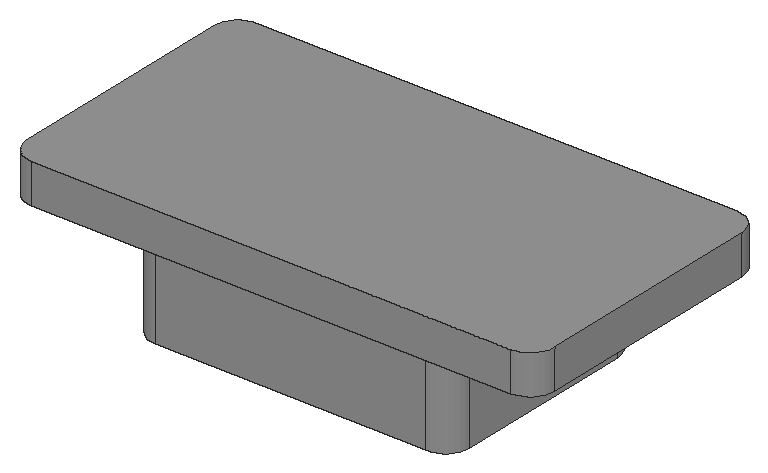
Revit family "ITK_Заглушка SC или LC-Duplex пластик (черный)", category Обобщенные модели, Revit 2019
Family settings
  Может служить основой для арматурных стержней = Нет
  Размер круглого соединителя = Использовать диаметр
  Тип детали = Нормальный
  На основе рабочей плоскости = Нет
  Всегда вертикально = Да
  При загрузке вырезать с полостями = Нет
  Общий = Нет
  Точка расчета площади = Нет
Parameters (values of type "FOBX-Z-SC")
  Степень защиты = ""
  Материал = Окраска - RAL 9005
  Изготовитель = "ITK"  # constant formula
  Дата изменения = ""
  Тип монтажа = ""  # constant formula
  URL = "https://www.iek.ru/"
  KSI_CPr_Строительные изделия = "61.1.04.08"  # constant formula
  KSI_CMa_Строительные материалы = "01.7.14.03"  # constant formula
  IEK_Цена за единицу = 15.77
  IEK_Поиск в таблице имен = ""
  IEK_Описание = "Изготовлены из высококачественных материалов.\r\nСоответствие международным стандартам и ГОСТ Р."
  IEK_URL = "https://www.itk-group.ru/produktsiya/catalog/oborudovanie_telekommunikatsionnoe/komponenty_sks_opticheskie/komponenty_sks_opticheskie/opticheskie_krossy_19/itk_zaglushka_sc_ili_lc_duplex_plastik_chernyy"
  ADSK_Примечание = ""
  ADSK_Позиция [instance] = ""
  ADSK_Наименование = "ITK Заглушка SC или  LC-Duplex пластик (черный)"
  ADSK_Материал обозначение = ""
  ADSK_Материал наименование = "Пластик"  # constant formula
  ADSK_Масса = 0
  ADSK_Марка = ""  # constant formula
  ADSK_Код изделия = "FOBX-Z-SC"
  ADSK_Завод-изготовитель = "IEK"  # constant formula
  ADSK_Единица измерения = "шт"  # constant formula
  ADSK_Группирование = "I. ЩИТЫ И ПУЛЬТЫ"  # constant formula
  ADSK_Версия семейства = "1.0"  # constant formula
  ADSK_Версия Revit = "2019"  # constant formula
  ADSK_URL страницы изделия = "https://www.itk-group.ru/produktsiya/catalog/oborudovanie_telekommunikatsionnoe/komponenty_sks_opticheskie/komponenty_sks_opticheskie/opticheskie_krossy_19/?pagec=30"
Reference planes
  plane 1 "По центру (Вперед/Назад)": y = 0
  plane 2: z = 0
  plane 3 "По центру (Влево/Вправо)": x = 0
  plane 4: x = -62.5
  plane 5: x = 62.5
Forms (mm)
  Extrusion 1, solid, material "Окраска - RAL 9005" <- "Материал", detail levels fine
    sketch origin (0, 0, 0) x (1, 0, 0) y (0, 1, 0)
      loop
        arc (-9.75, 5.75) -> (-10.457, 5.457) -> (-10.75, 4.75) r 1
        line (-10.75, 4.75) -> (-10.75, -4.75)
        arc (-10.75, -4.75) -> (-10.457, -5.457) -> (-9.75, -5.75) r 1
        line (-9.75, -5.75) -> (9.75, -5.75)
        arc (9.75, -5.75) -> (10.457, -5.457) -> (10.75, -4.75) r 1
        line (10.75, -4.75) -> (10.75, 4.75)
        arc (10.75, 4.75) -> (10.457, 5.457) -> (9.75, 5.75) r 1
        line (9.75, 5.75) -> (-9.75, 5.75)
    from 4 to 5.6
  Extrusion 2, solid, material "Окраска - RAL 9005" <- "Материал", detail levels fine
    sketch origin (0, 0, 0) x (1, 0, 0) y (0, 1, 0)
      loop
        line (-6.5, 3.75) -> (-6.5, -3.75)
        arc (-6.5, -3.75) -> (-6.207, -4.457) -> (-5.5, -4.75) r 1
        line (-5.5, -4.75) -> (5.5, -4.75)
        arc (5.5, -4.75) -> (6.207, -4.457) -> (6.5, -3.75) r 1
        line (6.5, -3.75) -> (6.5, 3.75)
        arc (6.5, 3.75) -> (6.207, 4.457) -> (5.5, 4.75) r 1
        line (5.5, 4.75) -> (-5.5, 4.75)
        arc (-5.5, 4.75) -> (-6.207, 4.457) -> (-6.5, 3.75) r 1
    from 0 to 4
  Extrusion 3, solid, material "Условный материал-отделка", detail levels coarse+medium
    sketch origin (0, 0, 0) x (1, 0, 0) y (0, 1, 0)
      loop
        line (-10.75, 4.75) -> (-10.75, -4.75)
        arc (-10.75, -4.75) -> (-10.457, -5.457) -> (-9.75, -5.75) r 1
        line (-9.75, -5.75) -> (9.75, -5.75)
        arc (9.75, -5.75) -> (10.457, -5.457) -> (10.75, -4.75) r 1
        line (10.75, -4.75) -> (10.75, 4.75)
        arc (10.75, 4.75) -> (10.457, 5.457) -> (9.75, 5.75) r 1
        line (9.75, 5.75) -> (-9.75, 5.75)
        arc (-9.75, 5.75) -> (-10.457, 5.457) -> (-10.75, 4.75) r 1
    from 0 to 5.6
Dimensions and locks
  equal spacing: plane 5, plane 3 "По центру (Влево/Вправо)", plane 4
  plane 5 to plane 4 = 125 mm
  aligned and locked: level to plane 2
  aligned and locked: Extrusion 3 sketch curve to Extrusion 1  (x4)
  aligned and locked: Extrusion 3 to Extrusion 1
Automatic sketch dimensions
  Extrusion 1 sketch curve to Extrusion 1 sketch curve = 1 mm  (x4)
  plane 1 "По центру (Вперед/Назад)" to Extrusion 1 sketch curve = 4.75 mm
  Extrusion 1 sketch curve to plane 3 "По центру (Влево/Вправо)" = 10.75 mm
  plane 3 "По центру (Влево/Вправо)" to Extrusion 1 sketch curve = 9.75 mm
  Extrusion 1 sketch curve to plane 1 "По центру (Вперед/Назад)" = 4.75 mm
  Extrusion 2 sketch curve to plane 3 "По центру (Влево/Вправо)" = 6.5 mm
  Extrusion 2 sketch curve to Extrusion 2 sketch curve = 1 mm  (x3)
  plane 3 "По центру (Влево/Вправо)" to Extrusion 2 sketch curve = 5.5 mm  (x2)
  plane 1 "По центру (Вперед/Назад)" to Extrusion 2 sketch curve = 4.75 mm
  Extrusion 2 sketch curve to plane 1 "По центру (Вперед/Назад)" = 3.75 mm
